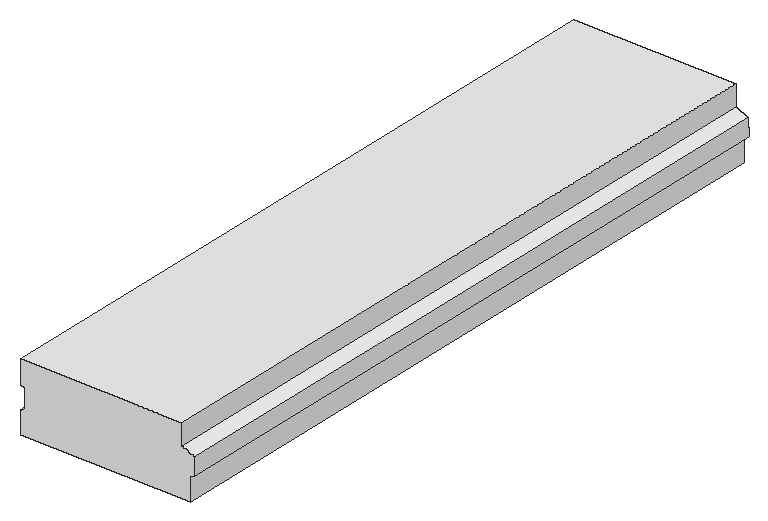
Revit family "СИБИТ_Плита_Перекрытия_Ширина 600 мм_ГОСТ 19570-74", category Каркас несущий, Revit 2017
Family settings
  Округление длины несущего каркаса = 0 мм
  Форма сечения = Не задано
  Материал для поведения модели = Прочее
  Всегда экспортировать в виде геометрии = Нет
  Номер OmniClass = 23.25.30.27.11.11
  Заголовок OmniClass = Concrete Structural Floor Decks
  На основе рабочей плоскости = Да
  Всегда вертикально = Нет
  При загрузке вырезать с полостями = Нет
  Условное обозначение = Из семейства
  Общий = Нет
  Показывать семейство разрезанным на планах = Да
Parameters
  Шов_Правый [instance] = if(Шов_Справа = Тип_2.1, Тип_1.1, if(Шов_Справа = Тип_2.2, Тип_1.3, if(Шов_Справа = Тип_2.3, Тип_1.4, Тип_1.3)))  # Заполнение : Без заполнения
  Шов_Левый [instance] = if(Шов_Слева = Тип_2.1, Тип_1.2, if(Шов_Слева = Тип_2.2, Тип_1.3, if(Шов_Слева = Тип_2.3, Тип_1.3, Тип_1.3)))  # Заполнение : Без заполнения
  Шов_Справа [instance] = Вид заполнения : Без заполнения
  Шов_Слева [instance] = Вид заполнения : Без заполнения
  Ширина_Шов_Справа [instance] = 100 mm
  Ширина_Шов_Слева [instance] = 100 mm
  Тип_2.3 = Вид заполнения : Шов между плитами
  Тип_2.2 = Вид заполнения : Без заполнения
  Тип_2.1 = Вид заполнения : Пояс обвязочный
  Тип_1.4 = Заполнение : Заполнение шва между плитами
  Тип_1.3 = Заполнение : Без заполнения
  Тип_1.2 = Заполнение : Обвязочный пояс слева
  Тип_1.1 = Заполнение : Обвязочный пояс справа
  Смещение поперечной арматуры от края продольной_2 [instance] = 40 mm
  Смещение поперечной арматуры от края продольной_1 [instance] = 50 mm
  Скоба_Толщина стали [instance] = 5 mm
  Тип_9 = Длина : 3440 мм
  Тип_8 = Длина : 3240 мм
  Тип_7 = Длина : 3140 мм
  Тип_6 = Длина : 3040 мм
  Тип_5 = Длина : 2940 мм
  Тип_4 = Длина : 2740 мм
  Тип_3 = Длина : 2440 мм
  Тип_22 = Длина : 5940 мм
  Тип_21 = Длина : 5740 мм
  Тип_20 = Длина : 5440 мм
  Тип_2 = Длина : 2240 мм
  Тип_19 = Длина : 5240 мм
  Тип_18 = Длина : 5040 мм
  Тип_17 = Длина : 4940 мм
  Тип_16 = Длина : 4740 мм
  Тип_15 = Длина : 4440 мм
  Тип_14 = Длина : 4240 мм
  Тип_13 = Длина : 4140 мм
  Тип_12 = Длина : 4040 мм
  Тип_11 = Длина : 3940 мм
  Тип_10 = Длина : 3740 мм
  Тип_1 = Длина : 1940 мм
  Тип, марка, обозначение [instance] = size_lookup(Таблица_выбора, "", "Ошибка", Длина_Плита)  # "П24.4;6;24-6Я"
  Таблица_выбора = "SLT_Перекрытия_600"  # constant formula
  Скоба_Отступ от торца [instance] = 0 mm
  Скоба для устройства проема [instance] = no
  Сертификат соответствия = "https://sibyt.ru/docs/G8Tm8xJLXEU_rEJraQ4obInusJQXscE8.pdf"
  Расчётная нагрузка, кгс/м² = 600  # constant formula
  Разработчик модели = "Bimon - сервисный провайдер услуг информационного моделирования"  # constant formula
  Поперечных стержней [instance] = 6
  Отступ [instance] = Скоба_Отступ от торца + 75 mm  # 75 mm
  Default Elevation = 1219.2 mm
  Отдельный стержень [instance] = Шов_Справа = Тип_2.3  # no
  Описание = "Панель перекрытий из автоклавного ячеистого бетона ГОСТ 19570-74"  # constant formula
  Объём, м³ [instance] = size_lookup(Таблица_выбора, "VOLUME", 0, Длина_Плита)  # 0.34
  Мин. глубина опирания, мм [instance] = "120"  # constant formula
  Материал плиты = СИБИТ_Перекрытия_Газобетон D600 B3,5
  Масса изделия при влажности 25%, кг [instance] = size_lookup(Таблица_выбора, "MASS", 0, Длина_Плита)  # 289
  Арматура_Шов_Слева [instance] = Шов_Слева = Тип_2.1  # no
  Арматура_Шов_Справа [instance] = Шов_Справа = Тип_2.1  # no
  Длина выпуска 2 [instance] = 100 mm
  Длина выпуска 1 [instance] = 100 mm
  HGN HILTI, шт. [instance] = 0
  Контактный телефон = "+7 (383) 363-90-90"
  Контактный Email = "zavod-sibit@ao-gns.ru"
  Код КСР (ФГИС ЦС) = ""
  Изготовитель = "Завод \"СИБИТ\""
  Длина плиты [instance] = Длина : 2440 мм
  Высота_Плита [instance] = 240 mm  # constant formula
  Длина_Плита [instance] = if(Длина плиты = Тип_22, 5940 mm, if(Длина плиты = Тип_21, 5740 mm, if(Длина плиты = Тип_20, 5440 mm, if(Длина плиты = Тип_19, 5240 mm, if(Длина плиты = Тип_18, 5040 mm, if(Длина плиты = Тип_17, 4940 mm, if(Длина плиты = Тип_16, 4740 mm, if(Длина плиты = Тип_15, 4440 mm, if(Длина плиты = Тип_14, 4240 mm, if(Длина плиты = Тип_13, 4140 mm, if(Длина плиты = Тип_12, 4040 mm, if(Длина плиты = Тип_11, 3940 mm, if(Длина плиты = Тип_10, 3740 mm, if(Длина плиты = Тип_9, 3440 mm, if(Длина плиты = Тип_8, 3240 mm, if(Длина плиты = Тип_7, 3140 mm, if(Длина плиты = Тип_6, 3040 mm, if(Длина плиты = Тип_5, 2940 mm, if(Длина плиты = Тип_4, 2740 mm, if(Длина плиты = Тип_3, 2440 mm, if(Длина плиты = Тип_2, 2240 mm, if(Длина плиты = Тип_1, 1940 mm, 0 mm))))))))))))))))))))))  # 2440 mm
  Ширина_Плита [instance] = 600 mm  # constant formula
  В пачке, шт. [instance] = size_lookup(Таблица_выбора, "AMOUNT", 0, Длина_Плита)  # 5
  Uniclass 2015 Title = "Concrete solid slabs"  # constant formula
  Uniclass 2015 Code = "Pr_20_85_14_16"  # constant formula
  URL = "www.sibyt.ru"
  UNSPSC Title = "Concrete slab"  # constant formula
  UNSPSC Code = "30121704"  # constant formula
  Omniclass Title = "Precast Profiles"  # constant formula
  Omniclass Code = "23-13 17 15"  # constant formula
  Masterformat Title = "Precast Concrete Slabs"  # constant formula
  Masterformat Code = "03 41 16"  # constant formula
  IFC Classification = "IfcSlab FLOOR"  # constant formula
  COBie Category = ""
  Bimon = "www.bimon.ru"
Reference planes
  plane 1 "По центру (Вперед/Назад)": y = 0
  plane 2: z = 0
  plane 3 "По центру (Влево/Вправо)": x = 0
  plane 4: y = 1220
  plane 5: y = -1220
  plane 6: x = -300
  plane 7: x = 300
  plane 8: z = -240
  plane 9 "Плоскость размещения скобы": y = -1145
  plane 10: z = -120
  plane 11: y = -1270
  plane 12: y = 1280
  plane 13: y = -1320
  plane 14: y = 1320
  plane 15: y = 1220
  plane 16: y = -1220
  plane 17: x = -400
  plane 18: x = 400
  plane 19 "Продольное армирвоание_слева": x = -350
  plane 20 "Поперечная арматура_слева": x = -342
  plane 21 "Продольное армирование справа": x = 350
  plane 22 "Поперечная арматура_справа": x = 342
Forms (mm)
  Sweep 1, solid, material "СИБИТ_Перекрытия_Газобетон D600 B3,5" <- "Материал плиты"
    path origin (0, 0, 0) x (1, 0, 0) y (0, 1, 0)
      loop
        line (0, -1220) -> (0, 1220)
    profile origin (0, 0, 0) x (-1, 0, 0) y (0, 0, 1)
      loop
        line (300, 0) -> (-270, 0) -> (-270, -75) -> (-315.5, -91.561) -> (-315.5, -152.538) -> (-300, -158.964) -> (-300, -240) -> (300, -240) -> (300, -158.964) -> (284.5, -152.538) -> (284.5, -86.847) -> (300, -81.205) -> (300, 0)
Dimensions and locks
  equal spacing: plane 6, plane 3 "По центру (Влево/Вправо)", plane 7
  "Ширина_Плита": plane 6 to plane 7
  equal spacing: plane 4, plane 1 "По центру (Вперед/Назад)", plane 5
  "Длина_Плита": plane 4 to plane 5
  "Высота_Плита": plane 2 to plane 8
  "Отступ": plane 5 to plane 9 "Плоскость размещения скобы"
  equal spacing: plane 2, plane 10, plane 8
  equal spacing: group 2, group 6, group 5, group 4, group 3, group 1
  equal spacing: group 1, group 3, group 4, group 5, group 6, group 2  (x2)
  "Длина выпуска 1": plane 13 to plane 5
  "Длина выпуска 2": plane 4 to plane 14
  "Смещение поперечной арматуры от края продольной_2": plane 12 to plane 14
  "Смещение поперечной арматуры от края продольной_1": plane 13 to plane 11
  equal spacing: group 8, group 12, group 11, group 10, group 9, group 7  (x2)
  equal spacing: group 7, group 9, group 10, group 11, group 12, group 8
  equal spacing: plane 15, plane 1 "По центру (Вперед/Назад)", plane 16
  "Длина_Плита": plane 15 to plane 16
  "Ширина_Шов_Слева": plane 6 to plane 17
  "Ширина_Шов_Справа": plane 7 to plane 18
  equal spacing: plane 6, plane 19 "Продольное армирвоание_слева", plane 17
  locked: plane 20 "Поперечная арматура_слева" to plane 19 "Продольное армирвоание_слева" at 8
  equal spacing: plane 7, plane 21 "Продольное армирование справа", plane 18
  locked: plane 21 "Продольное армирование справа" to plane 22 "Поперечная арматура_справа" at 8
  aligned and locked: level to plane 2
  aligned and locked: plane 1 "По центру (Вперед/Назад)" to nested 3
  aligned and locked: plane 1 "По центру (Вперед/Назад)" to nested 5
  aligned and locked: plane 1 "По центру (Вперед/Назад)" to nested 4
  aligned and locked: plane 11 to nested 10  (x3)
  aligned and locked: nested 11 to plane 12
  aligned and locked: plane 12 to nested 11
  aligned and locked: plane 12 to nested 13
  aligned and locked: nested 17 to plane 11
  aligned and locked: plane 19 "Продольное армирвоание_слева" to nested 10
  aligned and locked: plane 19 "Продольное армирвоание_слева" to nested 11
  aligned and locked: nested 9 to plane 20 "Поперечная арматура_слева"
  aligned and locked: plane 20 "Поперечная арматура_слева" to nested 8
  aligned and locked: plane 21 "Продольное армирование справа" to nested 17
  aligned and locked: plane 21 "Продольное армирование справа" to nested 13
  aligned and locked: nested 7 to plane 22 "Поперечная арматура_справа"
  aligned and locked: plane 22 "Поперечная арматура_справа" to nested 6
Automatic sketch dimensions
  Sweep 1 sketch curve to level = 0 mm
  Sweep 1 sketch curve to level = 91.561 mm
  profile plane to Sweep 1 sketch curve = 315.5 mm
  Sweep 1 sketch curve to Sweep 1 sketch curve = 15.5 mm  (x3)
  Sweep 1 sketch curve to Sweep 1 sketch curve = 45.5 mm
  Sweep 1 sketch curve to profile plane = 284.5 mm
  Sweep 1 sketch curve to level = 152.538 mm
  Sweep 1 sketch curve to Sweep 1 sketch curve = 60.977 mm
  Sweep 1 sketch curve to Sweep 1 sketch curve = 6.426 mm  (x2)
  Sweep 1 sketch curve to Sweep 1 sketch curve = 81.036 mm
  Sweep 1 sketch curve to Sweep 1 sketch curve = 65.691 mm
  Sweep 1 sketch curve to Sweep 1 sketch curve = 5.642 mm
  Sweep 1 sketch curve to Sweep 1 sketch curve = 16.561 mm
  Sweep 1 sketch curve to plane 3 "По центру (Влево/Вправо)" = 0 mm
  plane 5 to Sweep 1 sketch curve = 0 mm
  Sweep 1 sketch curve to plane 4 = 0 mm
Nested families
  nested 1: "Длина" at (-64.141, -1460, 0), type "5240 мм"
  nested 2: "Скоба" at (0, -1145, 0), visible <- "Скоба для устройства проема", Толщина стали <- "Скоба_Толщина стали", HGN HILTI, шт. <- "HGN HILTI, шт.", type "1500x150_С235"
    with HGN HILTI, шт. 0
  nested 3: "Арматура" at (292.445, 62.341, -41.93), visible <- "Отдельный стержень", Выпуск 1 <- "Длина выпуска 2", Выпуск 2 <- "Длина выпуска 1", Длина арматурного стержня <- "Длина_Плита", type "8 А400"
    with Угол поворота 0.00°, Радиус 1320 mm, Длина_стержня 2640 mm, Длина_2 1320 mm, Длина_1 1320 mm, Длина арматурного стержня 2440 mm, Выпуск 2 100 mm, Выпуск 1 100 mm
  nested 4: "Заполнение" at (-300, 0, 0), L <- "Длина_Плита", type <- "Шов_Левый", b <- "Ширина_Шов_Слева", type "Без заполнения"
    with Материал вкладыша ADSK_Бетон_B15, b 100 mm, L 2440 mm
  nested 5: "Заполнение" at (300, 0, 0), L <- "Длина_Плита", type <- "Шов_Правый", b <- "Ширина_Шов_Справа", type "Без заполнения"
    with Материал вкладыша ADSK_Бетон_B15, b 100 mm, L 2440 mm
  nested 6: "Арматура" at (342, -62.341, -198.07), visible <- "Арматура_Шов_Справа", Выпуск 1 <- "Длина выпуска 1", Выпуск 2 <- "Длина выпуска 2", Длина арматурного стержня <- "Длина_Плита", type "10 A400"
    with Угол поворота 0.00°, Радиус 1320 mm, Длина_стержня 2640 mm, Длина_2 1320 mm, Длина_1 1320 mm, Длина арматурного стержня 2440 mm, Выпуск 2 100 mm, Выпуск 1 100 mm
  nested 7: "Арматура" at (342, 62.341, -41.93), visible <- "Арматура_Шов_Справа", Выпуск 1 <- "Длина выпуска 2", Выпуск 2 <- "Длина выпуска 1", Длина арматурного стержня <- "Длина_Плита", type "10 A400"
    with Угол поворота 0.00°, Радиус 1320 mm, Длина_стержня 2640 mm, Длина_2 1320 mm, Длина_1 1320 mm, Длина арматурного стержня 2440 mm, Выпуск 2 100 mm, Выпуск 1 100 mm
  nested 8: "Арматура" at (-342, -62.341, -198.07) x (-1, 0, 0) z (0, 0, 1), visible <- "Арматура_Шов_Слева", Выпуск 1 <- "Длина выпуска 1", Выпуск 2 <- "Длина выпуска 2", Длина арматурного стержня <- "Длина_Плита", type "10 A400"
    with Угол поворота 0.00°, Радиус 1320 mm, Длина_стержня 2640 mm, Длина_2 1320 mm, Длина_1 1320 mm, Длина арматурного стержня 2440 mm, Выпуск 2 100 mm, Выпуск 1 100 mm
  nested 9: "Арматура" at (-342, 62.341, -41.93) x (-1, 0, 0) z (0, 0, 1), visible <- "Арматура_Шов_Слева", Выпуск 1 <- "Длина выпуска 2", Выпуск 2 <- "Длина выпуска 1", Длина арматурного стержня <- "Длина_Плита", type "10 A400"
    with Угол поворота 0.00°, Радиус 1320 mm, Длина_стержня 2640 mm, Длина_2 1320 mm, Длина_1 1320 mm, Длина арматурного стержня 2440 mm, Выпуск 2 100 mm, Выпуск 1 100 mm
  nested 10: "Арматура" at (-350, -1207.659, -120) x (-1, 0, 0) z (0, 0, 1), visible <- "Арматура_Шов_Слева", type "6 BpIII"
    with Угол поворота 90.00°, Радиус 100 mm, Длина_стержня 200 mm, Длина_2 100 mm, Длина_1 100 mm, Длина арматурного стержня 140 mm, Выпуск 2 30 mm, Выпуск 1 30 mm
  nested 11: "Арматура" at (-350, 1342.341, -120) x (-1, 0, 0) z (0, 0, 1), visible <- "Арматура_Шов_Слева", type "6 BpIII"
    with Угол поворота 90.00°, Радиус 100 mm, Длина_стержня 200 mm, Длина_2 100 mm, Длина_1 100 mm, Длина арматурного стержня 140 mm, Выпуск 2 30 mm, Выпуск 1 30 mm
  nested 12: "Арматура" at (-350, -697.659, -120) x (-1, 0, 0) z (0, 0, 1), visible <- "Арматура_Шов_Слева", type "6 BpIII"
    with Угол поворота 90.00°, Радиус 100 mm, Длина_стержня 200 mm, Длина_2 100 mm, Длина_1 100 mm, Длина арматурного стержня 140 mm, Выпуск 2 30 mm, Выпуск 1 30 mm
  nested 13: "Арматура" at (350, 1342.341, -120), visible <- "Арматура_Шов_Справа", type "6 BpIII"
    with Угол поворота 90.00°, Радиус 100 mm, Длина_стержня 200 mm, Длина_2 100 mm, Длина_1 100 mm, Длина арматурного стержня 140 mm, Выпуск 2 30 mm, Выпуск 1 30 mm
  nested 14: "Арматура" at (-350, -187.659, -120) x (-1, 0, 0) z (0, 0, 1), visible <- "Арматура_Шов_Слева", type "6 BpIII"
    with Угол поворота 90.00°, Радиус 100 mm, Длина_стержня 200 mm, Длина_2 100 mm, Длина_1 100 mm, Длина арматурного стержня 140 mm, Выпуск 2 30 mm, Выпуск 1 30 mm
  nested 15: "Арматура" at (-350, 322.341, -120) x (-1, 0, 0) z (0, 0, 1), visible <- "Арматура_Шов_Слева", type "6 BpIII"
    with Угол поворота 90.00°, Радиус 100 mm, Длина_стержня 200 mm, Длина_2 100 mm, Длина_1 100 mm, Длина арматурного стержня 140 mm, Выпуск 2 30 mm, Выпуск 1 30 mm
  nested 16: "Арматура" at (-350, 832.341, -120) x (-1, 0, 0) z (0, 0, 1), visible <- "Арматура_Шов_Слева", type "6 BpIII"
    with Угол поворота 90.00°, Радиус 100 mm, Длина_стержня 200 mm, Длина_2 100 mm, Длина_1 100 mm, Длина арматурного стержня 140 mm, Выпуск 2 30 mm, Выпуск 1 30 mm
  nested 17: "Арматура" at (350, -1207.659, -120), visible <- "Арматура_Шов_Справа", type "6 BpIII"
    with Угол поворота 90.00°, Радиус 100 mm, Длина_стержня 200 mm, Длина_2 100 mm, Длина_1 100 mm, Длина арматурного стержня 140 mm, Выпуск 2 30 mm, Выпуск 1 30 mm
  nested 18: "Арматура" at (350, 832.341, -120), visible <- "Арматура_Шов_Справа", type "6 BpIII"
    with Угол поворота 90.00°, Радиус 100 mm, Длина_стержня 200 mm, Длина_2 100 mm, Длина_1 100 mm, Длина арматурного стержня 140 mm, Выпуск 2 30 mm, Выпуск 1 30 mm
  nested 19: "Арматура" at (350, 322.341, -120), visible <- "Арматура_Шов_Справа", type "6 BpIII"
    with Угол поворота 90.00°, Радиус 100 mm, Длина_стержня 200 mm, Длина_2 100 mm, Длина_1 100 mm, Длина арматурного стержня 140 mm, Выпуск 2 30 mm, Выпуск 1 30 mm
  nested 20: "Арматура" at (350, -187.659, -120), visible <- "Арматура_Шов_Справа", type "6 BpIII"
    with Угол поворота 90.00°, Радиус 100 mm, Длина_стержня 200 mm, Длина_2 100 mm, Длина_1 100 mm, Длина арматурного стержня 140 mm, Выпуск 2 30 mm, Выпуск 1 30 mm
  nested 21: "Арматура" at (350, -697.659, -120), visible <- "Арматура_Шов_Справа", type "6 BpIII"
    with Угол поворота 90.00°, Радиус 100 mm, Длина_стержня 200 mm, Длина_2 100 mm, Длина_1 100 mm, Длина арматурного стержня 140 mm, Выпуск 2 30 mm, Выпуск 1 30 mm
Definition of nested family "Скоба"
  Parameters (values of type "1500x150_С235")
    Толщина стали [instance] = 5 mm
    Default Elevation = 1219.2 mm
    Description = "Стальная скоба из стали C235 с антикоррозийным покрытием"  # constant formula
    Марка стали = none
    Manufacturer = "СИБИТ"  # constant formula
    HGN HILTI, шт. [instance] = 4
    B = 150 mm  # constant formula
  Reference planes
    plane 1 "По центру (Вперед/Назад)": y = 0
    plane 2: z = 0
    plane 3 "По центру (Влево/Вправо)": x = 0
  Forms (mm)
    Extrusion 1, void
      sketch origin (50, 0, 0) x (1, 0, 0) y (0, 1, 0)
        loop
          circle (-500, 0) r 6
      from 0 to 250
    Extrusion 2, void
      sketch origin (100, 0, 0) x (1, 0, 0) y (0, 1, 0)
        loop
          circle (-500, 0) r 6
      from 0 to 250
    Extrusion 3, void
      sketch origin (-50, 0, 0) x (-1, 0, 0) y (0, -1, 0)
        loop
          circle (-500, 0) r 6
      from 0 to 250
    Extrusion 4, void
      sketch origin (-100, 0, 0) x (-1, 0, 0) y (0, -1, 0)
        loop
          circle (-500, 0) r 6
      from 0 to 250
    Sweep 5, solid, material <- "Марка стали"
      path origin (0, 0, 0) x (1, 0, 0) y (0, 0, 1)
        loop
          line (-500, 12.5) -> (-300, 12.5) -> (-300, -81.205) -> (-300, -247.5) -> (300, -247.5) -> (300, -81.205) -> (300, 12.5) -> (500, 12.5)
      profile origin (-400, 0, 12.5) x (0, 0, 1) y (0, -1, 0)
        loop
          line (-2.5, 75) -> (-2.5, -75) -> (2.5, -75) -> (2.5, 75) -> (-2.5, 75)
  Cuts and joins
    Extrusion 1, Extrusion 2, Extrusion 3, Extrusion 4 cuts Sweep 5
  Dimensions and locks
    equal spacing: Sweep 5 sketch curve, profile plane, Sweep 5 sketch curve
    "Толщина стали": Sweep 5 sketch curve to Sweep 5 sketch curve
    aligned and locked: level to plane 2
  Automatic sketch dimensions
    plane 1 "По центру (Вперед/Назад)" to Extrusion 1 sketch curve = 0 mm
    plane 1 "По центру (Вперед/Назад)" to Extrusion 2 sketch curve = 0 mm
    plane 1 "По центру (Вперед/Назад)" to Extrusion 3 sketch curve = 0 mm
    plane 1 "По центру (Вперед/Назад)" to Extrusion 4 sketch curve = 0 mm
    Extrusion 1 sketch curve to plane 3 "По центру (Влево/Вправо)" = 450 mm
    Extrusion 2 sketch curve to plane 3 "По центру (Влево/Вправо)" = 400 mm
    Extrusion 3 sketch curve to plane 3 "По центру (Влево/Вправо)" = 450 mm
    Extrusion 4 sketch curve to plane 3 "По центру (Влево/Вправо)" = 400 mm
    level to Sweep 5 sketch curve = 12.5 mm  (x2)
    Sweep 5 sketch curve to plane 3 "По центру (Влево/Вправо)" = 300 mm
    plane 3 "По центру (Влево/Вправо)" to Sweep 5 sketch curve = 300 mm
    Sweep 5 sketch curve to level = 81.205 mm  (x2)
    Sweep 5 sketch curve to level = 247.5 mm
    Sweep 5 sketch curve to Sweep 5 sketch curve = 200 mm  (x2)
    Sweep 5 sketch curve to plane 1 "По центру (Вперед/Назад)" = 75 mm
    plane 1 "По центру (Вперед/Назад)" to Sweep 5 sketch curve = 75 mm
    radius of Extrusion 1 sketch curve = 6 mm
    radius of Extrusion 2 sketch curve = 6 mm
    radius of Extrusion 3 sketch curve = 6 mm
    radius of Extrusion 4 sketch curve = 6 mm
Definition of nested family "Арматура"
  Parameters (values of type "6 BpIII")
    Угол поворота [instance] = 15.00°
    Радиус стержня = Диаметр_cтержня / 2  # 3 mm
    Радиус [instance] = Длина_стержня / 2  # 307.659 mm
    Площадь поперечного сечения стержня, см² = 0
    Description = ""
    Масса 1 м профиля, кг = 0
    Маркировка_cтержня = "Ø6 BpIII"
    Класс_арматуры = "BpIII"
    Длина_стержня [instance] = Длина арматурного стержня + Выпуск 1 + Выпуск 2  # 615.319 mm
    Длина_2 [instance] = Длина арматурного стержня / 2 + Выпуск 2  # 272.659 mm
    Длина_1 [instance] = Длина арматурного стержня / 2 + Выпуск 1  # 342.659 mm
    Длина арматурного стержня [instance] = 445.319 mm
    Диаметр_cтержня = 6 mm
    Выпуск 2 [instance] = 50 mm
    Выпуск 1 [instance] = 120 mm
  Types (3, lengths in mm): name | Радиус стержня | Радиус | Площадь поперечного сечения стержня, см² | Description | Масса 1 м профиля, кг | Маркировка_cтержня | Класс_арматуры | Длина_стержня | Длина_2 | Длина_1 | Длина арматурного стержня | Диаметр_cтержня | Выпуск 1
    8 А400 | 4 | 350 | 0.503 | "Анкер из арматуры Ø8 AIII ГОСТ 5781-82" | 0.395 | "Ø8 A400" | "А400" | 700 | 350 | 350 | 600 | 8 | 50
    6 BpIII | 3 | 307.659 | 0 | "" | 0 | "Ø6 BpIII" | "BpIII" | 615.319 | 272.659 | 342.659 | 445.319 | 6 | 120
    10 A400 | 5 | 350 | 0.785 | "Анкер из арматуры Ø10 AIII ГОСТ 5781-82" | 0.617 | "Ø10 A400" | "А400" | 700 | 350 | 350 | 600 | 10 | 50
  Reference planes
    plane 1 "1": y = -62.341
    plane 2: z = 0
    plane 3 "Y": x = 0
  Forms (mm)
    Sweep 1, solid
      path origin (0, 0, 0) x (0, 1, 0) y (0, 0, 1)
        loop
          line (-325.709, 70.569) -> (-62.341, 0) -> (268.643, -88.687)
      profile origin (0, 103.151, -44.343) x (0, 0.258819, 0.965926) y (1, 0, 0)
        loop
          circle (0, 0) r 3
  Lines and regions (mm)
    reference lines
      curve 1: circle (0, -62.341, 0) r 307.659 normal (1, 0, 0)
      curve 2: line (0, -62.341, 0) -> (0, -359.517, 79.628)
      curve 3: line (0, -62.341, 0) -> (0, 234.836, -79.628)
      curve 4: circle (0, -62.341, 0) r 342.659 normal (1, 0, 0)
      curve 5: circle (0, -62.341, 0) r 272.659 normal (1, 0, 0)
      curve 6: line (0, -62.341, 0) -> (0, -325.709, 70.569)
      curve 7: line (0, -62.341, 0) -> (0, 268.643, -88.687)
  Dimensions and locks
    "Радиус стержня": profile plane to Sweep 1 sketch curve
    "Длина_1": Sweep 1 sketch curve to Sweep 1 sketch curve
    "Длина_2": Sweep 1 sketch curve to Sweep 1 sketch curve
    "Радиус": radius of curve 1
    "Длина_1": radius of curve 4
    "Длина_2": radius of curve 5
    "Угол поворота": angle plane 2 to curve 2
    aligned and locked: level to curve 2
    aligned and locked: plane 1 "1" to curve 2
    aligned and locked: plane 2 to curve 1
    aligned and locked: plane 1 "1" to curve 1
    aligned and locked: Sweep 1 sketch curve to curve 6
  Automatic sketch dimensions
    Sweep 1 sketch curve to plane 3 "Y" = 0 mm
    Sweep 1 sketch curve to profile plane = 0 mm
    Sweep 1 sketch curve to plane 1 "1" = 0 mm
    curve 1 to curve 4 = 0 mm  (x2)
    curve 1 to curve 5 = 0 mm  (x2)
Definition of nested family "Длина"
  Types (22): name
    1940 мм
    2240 мм
    2440 мм
    2740 мм
    2940 мм
    3040 мм
    3140 мм
    3240 мм
    3440 мм
    3740 мм
    3940 мм
    4040 мм
    4140 мм
    4240 мм
    4440 мм
    4740 мм
    4940 мм
    5040 мм
    5240 мм
    5440 мм
    5740 мм
    5940 мм
  Reference planes
    plane 1 "По центру (Вперед/Назад)": y = 0
    plane 2: z = 0
    plane 3 "По центру (Влево/Вправо)": x = 0
  Dimensions and locks
    aligned and locked: level to plane 2
Definition of nested family "Заполнение"
  Parameters (values of type "Обвязочный пояс справа")
    Пояс_Справа = yes
    Пояс_Слева = no
    Материал вкладыша [instance] = none
    Шов = no
    b [instance] = 163.482 mm
    L [instance] = 2400 mm
  Types (4, lengths in mm): name | Пояс_Справа | Пояс_Слева | Шов
    Заполнение шва между плитами | no | no | yes
    Обвязочный пояс справа | yes | no | no
    Обвязочный пояс слева | no | yes | no
    Без заполнения | no | no | no
  Reference planes
    plane 1 "По центру (Вперед/Назад)": y = 0
    plane 2: z = 0
    plane 3 "По центру (Влево/Вправо)": x = 0
    plane 4: y = 1200
    plane 5: y = -1200
    plane 6: x = -163.482
    plane 7: x = 163.482
  Forms (mm)
    Extrusion 1, solid, material <- "Материал вкладыша", visible <- "Шов"
      sketch origin (-300, 38.446, 0) x (1, 0, 0) y (0, 0, 1)
        loop
          line (270, -75) -> (300, -85.919) -> (300, 0) -> (270, 0) -> (270, -75)
      from -1161.554 to 1238.446
    Extrusion 2, solid, material <- "Материал вкладыша", visible <- "Пояс_Справа"
      sketch origin (-300, 38.446, 0) x (1, 0, 0) y (0, 0, 1)
        loop
          line (270, -75) -> (315.5, -91.561) -> (315.5, -152.538) -> (300, -158.964) -> (300, -240) -> (463.482, -240) -> (463.482, 0) -> (270, 0) -> (270, -75)
      from -1161.554 to 1238.446
    Extrusion 3, solid, material <- "Материал вкладыша", visible <- "Пояс_Слева"
      sketch origin (-300, 38.446, 0) x (1, 0, 0) y (0, 0, 1)
        loop
          line (300, -240) -> (300, -158.964) -> (315.5, -152.538) -> (315.5, -91.561) -> (300, -85.919) -> (300, 0) -> (136.518, 0) -> (136.518, -240) -> (300, -240)
      from -1161.554 to 1238.446
  Dimensions and locks
    equal spacing: plane 4, plane 1 "По центру (Вперед/Назад)", plane 5
    "L": plane 4 to plane 5
    equal spacing: plane 7, plane 3 "По центру (Влево/Вправо)", plane 6
    "b": plane 3 "По центру (Влево/Вправо)" to plane 6
    aligned and locked: level to plane 2
    aligned and locked: plane 4 to Extrusion 3
    aligned and locked: plane 4 to Extrusion 2
    aligned and locked: plane 4 to Extrusion 1
    aligned and locked: Extrusion 2 to plane 5
    aligned and locked: Extrusion 3 to plane 5
    aligned and locked: Extrusion 1 to plane 5
    aligned and locked: Extrusion 3 to plane 6
    aligned and locked: plane 7 to Extrusion 2
  Automatic sketch dimensions
    Extrusion 1 sketch curve to level = 0 mm
    Extrusion 1 sketch curve to plane 3 "По центру (Влево/Вправо)" = 0 mm
    Extrusion 1 sketch curve to plane 3 "По центру (Влево/Вправо)" = 30 mm
    Extrusion 1 sketch curve to level = 75 mm
    Extrusion 1 sketch curve to Extrusion 1 sketch curve = 10.919 mm
    Extrusion 2 sketch curve to level = 0 mm
    Extrusion 2 sketch curve to plane 3 "По центру (Влево/Вправо)" = 0 mm
    Extrusion 2 sketch curve to plane 3 "По центру (Влево/Вправо)" = 30 mm
    plane 3 "По центру (Влево/Вправо)" to Extrusion 2 sketch curve = 15.5 mm
    plane 3 "По центру (Влево/Вправо)" to Extrusion 2 sketch curve = 163.482 mm
    Extrusion 2 sketch curve to level = 75 mm
    Extrusion 2 sketch curve to Extrusion 2 sketch curve = 16.561 mm
    Extrusion 2 sketch curve to Extrusion 2 sketch curve = 60.977 mm
    Extrusion 2 sketch curve to Extrusion 2 sketch curve = 6.426 mm
    Extrusion 2 sketch curve to Extrusion 2 sketch curve = 87.462 mm
    Extrusion 3 sketch curve to level = 0 mm
    Extrusion 3 sketch curve to plane 3 "По центру (Влево/Вправо)" = 0 mm  (x2)
    Extrusion 3 sketch curve to plane 3 "По центру (Влево/Вправо)" = 163.482 mm
    plane 3 "По центру (Влево/Вправо)" to Extrusion 3 sketch curve = 15.5 mm
    Extrusion 3 sketch curve to Extrusion 3 sketch curve = 85.919 mm
    Extrusion 3 sketch curve to Extrusion 3 sketch curve = 5.642 mm
    Extrusion 3 sketch curve to Extrusion 3 sketch curve = 60.977 mm
    Extrusion 3 sketch curve to Extrusion 3 sketch curve = 6.426 mm
    Extrusion 3 sketch curve to Extrusion 3 sketch curve = 81.036 mm
